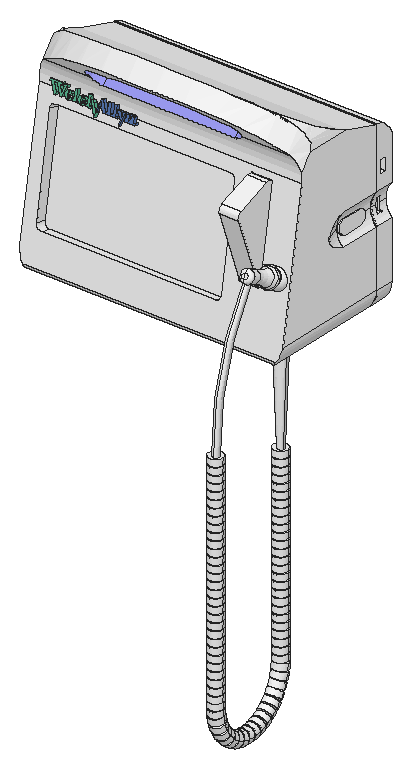
Revit family "Medical_All_Hill-Rom_Connex-Vital-Signs-Monitor", category Specialty Equipment, Revit 2015 (continued)
Connectors (in)
  piping at (-2.78107, -0.75376, 0.15551), diameter 0.125, driven by "CO2_INPT_Connector_Descr"
    settings: on cut or joined group of Extrusion 159, Extrusion 169, index 4, connector inside diameter 24", connector length 0' - 0", flow factor 0, pipe flow 0 GPM, pressure drop 0.00 psi, fitting loss kfactor 0, connector angle 0.00°, fixture units 0, engagement length 0' - 0", angle of deflection 0.00°, flow configuration 0, flow direction 1, fitting loss method 0, system type 22, joint type 0, gender type 0, connector reference index -1, connector utility 0, adjustable connector no, is connector primary no, connector description "CO2 sampling input connector"
  electrical at (-0.70416, -0.15632, -1.44787), driven by "Voltage", driven by "Power_Connector_Descr", driven by "Apparent Load", driven by "Power Factor"
    settings: on cut or joined group 1 (Extrusion 153, Extrusion 154, Extrusion 155, Extrusion 157, Sweep 158, Extrusion 160, Extrusion 169, Extrusion 170, Extrusion 171), index 5, voltage 15 V, apparent load 0 VA, apparent load phase1 0 VA, apparent load phase2 0 VA, apparent load phase3 0 VA, power factor 1, load classification "Other", number of poles 1, system type 30, power factor state 1, is connector primary yes, connector utility no, sub classification motor no, connector description "Power Connection"
  electrical at (2.84449, -0.23813, 0.96271), driven by "Ethernet_Connector_Descr"
    settings: on cut or joined group 1, index 6, voltage 0 V, apparent load 0 VA, apparent load phase1 0 VA, apparent load phase2 0 VA, apparent load phase3 0 VA, power factor 1, load classification "Other", number of poles 1, system type 14, power factor state 1, is connector primary no, connector utility no, sub classification motor no, connector description "Ethernet RJ-45"
  electrical at (2.63948, -0.21743, 0.14195), driven by "USB_Connector_Descr"
    settings: on cut or joined group 1, index 7, voltage 0 V, apparent load 0 VA, apparent load phase1 0 VA, apparent load phase2 0 VA, apparent load phase3 0 VA, power factor 1, load classification "Other", number of poles 1, system type 14, power factor state 1, is connector primary no, connector utility no, sub classification motor no, connector description "USB External Connection"
